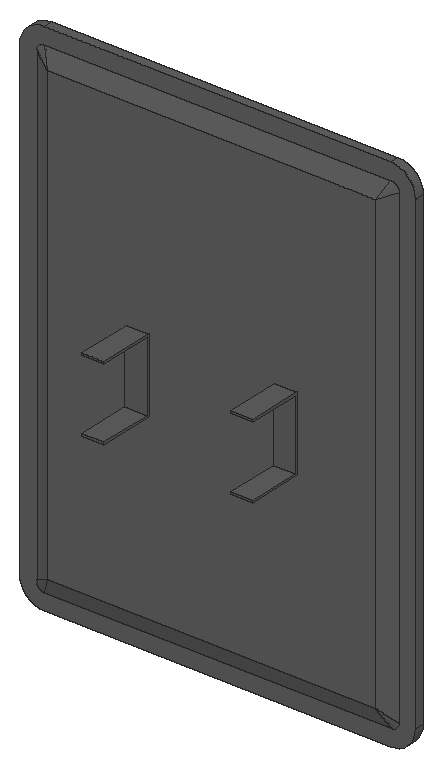
Revit family "Screen-Beam_Mounted-Teknion-JNSEEB-Felt_Elevated-R2015", category Furniture, Revit 2015
Parameters (values of type "Standard Width")
  Width [instance] = 24.000"
  Warranty = "http://www.teknion.com/ca/papers/legal-canada"
  Unit Weight URL = "http://www.teknion.com/ca/tools/assets#&asset=bee6a381-b954-425e-8283-5a2de3a804f2,f828d448-4b62-4231-9e5f-9a8991c0ed77"
  URL = "www.teknion.com"
  Sustainability Data = "http://www.teknion.com/ca/tools/assets#&topic=216f99a5-57a0-44fc-b10a-9dee9b29ae4c&asset=444deb64-fe58-4b68-981e-f75e97781df7"
  Series = "Expansion Cityline"  # constant formula
  Product Page URL = "http://www.teknion.com/ca/products/product-details?productlineid=9ad2a26e-8e7a-673b-a6c8-ff05004460c4"
  Product Line = "Expansion Cityline"  # constant formula
  Product Documentation Link = "http://www.teknion.com/pricing/expansion-cityline/pdfs/JNSEEB_ppg.pdf"
  Part Number = "JNSEEB"  # constant formula
  Note [instance] = "Widths can be speicified from a range of 24 to 54 inches in 6 inch increments and from 60 to 84 inches in 6 inch increments. Available Heights are 42, 51, 57 inches."  # constant formula
  Model = "JNSEEB"  # constant formula
  Manufacturer Phone = "416-661-3370"  # constant formula
  Manufacturer Fax = "416.661.4586"  # constant formula
  Manufacturer Contact Information = "http://www.teknion.com/ca/contactus"
  Manufacturer Address = "1150 Flint Road, Toronto, ON. M3J 2J5. Canada"  # constant formula
  Manufacturer = "Teknion"  # constant formula
  Height [instance] = 42.000"
  Felt Finish [instance] = Fabric-Teknion-RB11-Carbon
  Description = "Felt Elevated Screen – Beam-Mounted"  # constant formula
  Assembly Code = "E2020200"
Reference planes (in)
  plane 1 "Center Front/Back": y = 0
  plane 2: z = 0
  plane 3 "Center Left/Right": x = 0
  plane 4 "Left": x = -12
  plane 5 "Right": x = 12
  plane 6 "Back": y = 0.27559
  plane 7 "Front": y = -0.27559
  plane 8 "Top": z = 42
  plane 9: y = -0.70276
  plane 10: y = 0.70276
  plane 11: x = 3.83071
  plane 12: x = 5.16929
  plane 13: x = -3.83071
  plane 14: x = -5.16929
Forms (in)
  Extrusion 1, solid, material "Fabric-Teknion-RB11-Carbon" <- "Felt Finish"
    sketch origin (54, -9.70276, 0) x (1, 0, 0) y (0, 0, 1)
      loop
        line (-43.5, 42) -> (-64.5, 42)
        arc (-64.5, 42) -> (-65.56066, 41.56066) -> (-66, 40.5) r 1.5
        line (-66, 40.5) -> (-66, 11.73622)
        arc (-66, 11.73622) -> (-65.56066, 10.67556) -> (-64.5, 10.23622) r 1.5
        line (-64.5, 10.23622) -> (-43.5, 10.23622)
        arc (-43.5, 10.23622) -> (-42.43934, 10.67556) -> (-42, 11.73622) r 1.5
        line (-42, 11.73622) -> (-42, 40.5)
        arc (-42, 40.5) -> (-42.43934, 41.56066) -> (-43.5, 42) r 1.5
    from -9.97835 to -9.42717
  Blend 2, solid, material "Fabric-Teknion-RB11-Carbon" <- "Felt Finish"
    base sketch origin (54, -0.70276, 0) x (-1, 0, 0) y (0, 0, 1)
      loop
        line (64.49996, 41) -> (43.50004, 41)
        arc (43.50004, 41) -> (43.14646, 40.85354) -> (43, 40.49996) r 0.50004
        line (43, 40.49996) -> (43, 11.73626)
        arc (43, 11.73626) -> (43.14646, 11.38268) -> (43.50004, 11.23622) r 0.50004
        line (43.50004, 11.23622) -> (64.49996, 11.23622)
        arc (64.49996, 11.23622) -> (64.85354, 11.38268) -> (65, 11.73626) r 0.50004
        line (65, 11.73626) -> (65, 40.49996)
        arc (65, 40.49996) -> (64.85354, 40.85354) -> (64.49996, 41) r 0.50004
    top sketch origin (54, -0.70276, 0) x (-1, 0, 0) y (0, 0, 1)
      loop
        line (44.04834, 39.95166) -> (44.04834, 12.28456) -> (63.95166, 12.28456) -> (63.95166, 39.95166) -> (44.04834, 39.95166)
    from 0.97835 to 1.40551
  Blend 3, solid, material "Fabric-Teknion-RB11-Carbon" <- "Felt Finish"
    base sketch origin (54, 0.70276, 0) x (-1, 0, 0) y (0, 0, -1)
      loop
        arc (64.49996, -41) -> (64.85354, -40.85354) -> (65, -40.49996) r 0.50004
        line (65, -40.49996) -> (65, -11.73626)
        arc (65, -11.73626) -> (64.85354, -11.38268) -> (64.49996, -11.23622) r 0.50004
        line (64.49996, -11.23622) -> (43.50004, -11.23622)
        arc (43.50004, -11.23622) -> (43.14646, -11.38268) -> (43, -11.73626) r 0.50004
        line (43, -11.73626) -> (43, -40.49996)
        arc (43, -40.49996) -> (43.14646, -40.85354) -> (43.50004, -41) r 0.50004
        line (43.50004, -41) -> (64.49996, -41)
    top sketch origin (54, 0.70276, 0) x (-1, 0, 0) y (0, 0, -1)
      loop
        line (44.04834, -39.95166) -> (63.95166, -39.95166) -> (63.95166, -12.28456) -> (44.04834, -12.28456) -> (44.04834, -39.95166)
    from 0.97835 to 1.40551
  Extrusion 4, solid, material "Plastic - Teknion - 52 - Ebony"
    sketch origin (-5.16929, -0.70276, 48) x (0, 1, 0) y (0, 0, 1)
      loop
        line (-3.38583, -20.18898) -> (-3.38583, -20.30709) -> (-0.11811, -20.30709) -> (-0.11811, -24.57874) -> (-3.38583, -24.57874) -> (-3.38583, -24.69685) -> (0, -24.69685) -> (0, -20.18898) -> (-3.38583, -20.18898)
    from 0 to 1.33858
  Extrusion 5, solid, material "Plastic - Teknion - 52 - Ebony"
    sketch origin (3.83071, -0.70276, 48) x (0, 1, 0) y (0, 0, 1)
      loop
        line (-3.38583, -20.18898) -> (-3.38583, -20.30709) -> (-0.11811, -20.30709) -> (-0.11811, -24.57874) -> (-3.38583, -24.57874) -> (-3.38583, -24.69685) -> (0, -24.69685) -> (0, -20.18898) -> (-3.38583, -20.18898)
    from 0 to 1.33858
Lines and regions (in)
  Masking region 1
    outline origin (0, 0, 0) x (1, 0, 0) y (0, 1, 0)
      loop
        line (-12, 0.27559) -> (-12, -0.27559) -> (12, -0.27559) -> (12, 0.27559) -> (-12, 0.27559)
  Masking region 2
    outline origin (0, 0, 0) x (1, 0, 0) y (0, 1, 0)
      loop
        line (-11, 0.27559) -> (11, 0.27559) -> (9.95166, 0.70276) -> (-9.95166, 0.70276) -> (-11, 0.27559)
  Masking region 3
    outline origin (0, 0, 0) x (1, 0, 0) y (0, 1, 0)
      loop
        line (-9.95166, -0.70276) -> (9.95166, -0.70276) -> (11, -0.27559) -> (-11, -0.27559) -> (-9.95166, -0.70276)
  Masking region 4
    outline origin (0, 0, 0) x (1, 0, 0) y (0, 1, 0)
      loop
        line (-5.16929, -4.08858) -> (-3.83071, -4.08858) -> (-3.83071, -0.70276) -> (-5.16929, -0.70276) -> (-5.16929, -4.08858)
  Masking region 5
    outline origin (0, 0, 0) x (1, 0, 0) y (0, 1, 0)
      loop
        line (3.83071, -4.08858) -> (5.16929, -4.08858) -> (5.16929, -0.70276) -> (3.83071, -0.70276) -> (3.83071, -4.08858)
  symbolic lines, style "FurnitureHiddenLines", detail levels fine
    curve 1: line (-5.16929, -0.82087, 0) -> (-3.83071, -0.82087, 0)
    curve 2: line (3.83071, -0.82087, 0) -> (5.16929, -0.82087, 0)
  reference lines, not visible
    curve 3: line (-12, 0.27559, 0) -> (-12, -0.27559, 0)
    curve 4: line (-12, 0.27559, 0) -> (12, 0.27559, 0)
    curve 5: line (12, 0.27559, 0) -> (12, -0.27559, 0)
    curve 6: line (-12, -0.27559, 0) -> (12, -0.27559, 0)
Dimensions and locks (in)
  "Width": plane 4 "Left" to plane 5 "Right"
  plane 6 "Back" to plane 1 "Center Front/Back" to plane 7 "Front" = 0.27559" locked, 0.27559" locked
  "Height": plane 8 "Top" to level
  locked: Extrusion 1 sketch curve to level at 10.23622
  locked: Blend 3 sketch curve to plane 4 "Left" at 2.04834
  locked: plane 8 "Top" to Blend 3 sketch curve at 2.04834
  locked: Blend 3 sketch curve to plane 5 "Right" at 2.04834
  locked: plane 8 "Top" to Blend 3 sketch curve at 1
  locked: plane 8 "Top" to Blend 3 sketch curve at 1.50004  (x2)
  locked: Blend 3 sketch curve to plane 5 "Right" at 1.50004  (x2)
  locked: Blend 3 sketch curve to plane 2 at 11.73626
  locked: Blend 3 sketch curve to plane 2 at 11.23622
  locked: Blend 3 sketch curve to plane 4 "Left" at 1.50004
  locked: Blend 3 sketch curve to plane 4 "Left" at 1
  locked: Blend 3 sketch curve to plane 5 "Right" at 1
  locked: Extrusion 1 sketch curve to plane 2 at 11.73622  (x2)
  locked: Extrusion 1 sketch curve to plane 4 "Left" at 1.5  (x2)
  locked: plane 8 "Top" to Extrusion 1 sketch curve at 1.5  (x2)
  locked: Extrusion 1 sketch curve to plane 5 "Right" at 1.5  (x2)
  locked: Blend 2 sketch curve to plane 4 "Left" at 2.04834
  locked: plane 8 "Top" to Blend 2 sketch curve at 2.04834
  locked: Blend 2 sketch curve to plane 2 at 12.28456
  locked: Blend 2 sketch curve to plane 5 "Right" at 2.04834
  locked: plane 8 "Top" to Blend 2 sketch curve at 1
  locked: plane 8 "Top" to Blend 2 sketch curve at 1.50004  (x2)
  locked: Blend 2 sketch curve to plane 5 "Right" at 1.50004  (x2)
  locked: Blend 2 sketch curve to plane 4 "Left" at 1.50004  (x2)
  locked: Blend 2 sketch curve to plane 2 at 11.73626  (x2)
  locked: Blend 2 sketch curve to plane 5 "Right" at 1
  locked: Blend 2 sketch curve to plane 4 "Left" at 1
  locked: plane 1 "Center Front/Back" to plane 10 at 0.70276
  locked: plane 9 to plane 1 "Center Front/Back" at 0.70276
  plane 5 "Right" to plane 12 to plane 11 = 6.83071" locked, 1.33858" locked
  equal spacing: plane 4 "Left", plane 3 "Center Left/Right", plane 5 "Right"
  Masking region 2 sketch curve to Masking region 2 sketch curve to plane 5 "Right" = 1.04834" locked, 1.000" locked
  plane 4 "Left" to Masking region 2 sketch curve to Masking region 2 sketch curve = 1.000" locked, 1.04834" locked
  Masking region 3 sketch curve to Masking region 3 sketch curve to plane 5 "Right" = 1.04834" locked, 1.000" locked
  plane 4 "Left" to Masking region 3 sketch curve to Masking region 3 sketch curve = 1.000" locked, 1.04834" locked
  locked: Blend 3 sketch curve to plane 2 at 12.28456
  plane 4 "Left" to plane 14 to plane 13 = 6.83071" locked, 1.33858" locked
  plane 9 to Extrusion 4 sketch curve to Extrusion 4 sketch curve to Extrusion 4 sketch curve = 0.11811" locked, 3.26772" locked, 0.000" locked
  Extrusion 4 sketch curve to Extrusion 4 sketch curve to Extrusion 4 sketch curve to Extrusion 4 sketch curve to plane 2 = 0.11811" locked, 4.27165" locked, 0.11811" locked, 23.30315" locked
  Extrusion 5 sketch curve to Extrusion 5 sketch curve to Extrusion 5 sketch curve to Extrusion 5 sketch curve to plane 2 = 0.11811" locked, 4.27165" locked, 0.11811" locked, 23.30315" locked
  Extrusion 5 sketch curve to Extrusion 5 sketch curve to Extrusion 5 sketch curve to Extrusion 5 sketch curve to plane 9 = 0.000" locked, 3.26772" locked, 0.11811" locked, 0.000" locked
  aligned and locked: level to plane 2
  aligned and locked: Extrusion 1 sketch curve to plane 4 "Left"
  aligned and locked: Extrusion 1 sketch curve to plane 5 "Right"
  aligned and locked: plane 8 "Top" to Extrusion 1 sketch curve
  aligned and locked: Blend 2 to plane 6 "Back"
  aligned and locked: Blend 3 to plane 7 "Front"
  aligned and locked: plane 10 to Blend 2
  aligned and locked: Blend 3 to plane 9
  aligned and locked: Masking region 1 sketch curve to plane 4 "Left"
  aligned and locked: Masking region 1 sketch curve to plane 6 "Back"
  aligned and locked: plane 7 "Front" to Masking region 1 sketch curve
  aligned and locked: plane 5 "Right" to Masking region 1 sketch curve
  aligned and locked: Masking region 2 sketch curve to Blend 2  (x2)
  aligned and locked: Masking region 3 sketch curve to Blend 3  (x2)
  aligned and locked: plane 9 to Extrusion 4 sketch curve
  aligned and locked: Extrusion 4 to plane 14
  aligned and locked: plane 13 to Extrusion 4
  aligned and locked: Extrusion 5 to plane 12
  aligned and locked: plane 11 to Extrusion 5
  aligned and locked: Masking region 4 sketch curve to Extrusion 4
  aligned and locked: curve 3 to plane 4 "Left"
  aligned and locked: curve 4 to plane 6 "Back"
  aligned and locked: plane 5 "Right" to curve 5
  aligned and locked: plane 7 "Front" to curve 6
Automatic sketch dimensions
  Blend 3 sketch curve to Blend 3 sketch curve = 0.50004"
  curve 1 to plane 14 = 0.000"
  curve 1 to plane 13 = 0.000"
  curve 2 to plane 11 = 0.000"
  curve 2 to plane 12 = 0.000"
  curve 2 to plane 9 = 0.11811"
  Masking region 5 sketch curve to plane 11 = 0.000"
  Masking region 5 sketch curve to plane 9 = 0.000"
  Masking region 5 sketch curve to plane 12 = 0.000"
  Masking region 5 sketch curve to Masking region 5 sketch curve = 3.38583"
  curve 1 to plane 9 = 0.11811"
  Masking region 4 sketch curve to plane 14 = 0.000"
  Masking region 4 sketch curve to plane 13 = 0.000"
  Masking region 4 sketch curve to plane 9 = 3.38583"
